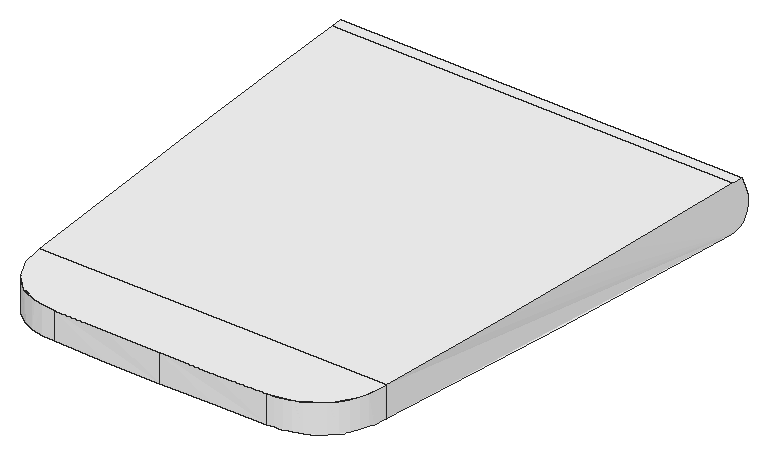
Revit family "Seat-WCSeatCover-Duroplast-Vitra-EqualSeries_119", category Plumbing Fixtures, host Face, Revit 2017
Family settings
  Host = Face
  Round Connector Dimension = Use Diameter
  Part Type = Normal
  OmniClass Number = 23.45.00.00
  OmniClass Title = Sanitary, Laundry, and Cleaning Equipment
  Cut with Voids When Loaded = No
  Shared = Yes
  Room Calculation Point = No
Parameters (values of type "Seat-WCSeat-Duroplast, Metal hinge, top fixing-quick release-119-003H209")
  Youtube = "https://www.youtube.com/user/VitrAglobal"
  Weight Net (kg) = "3"
  Waste Connection = no
  Warranty Period (Year) = "2 Years"
  Vent Connection = no
  Uniformat II Description = ""
  Uniformat II Code = ""
  Uniclass 2015 Name = "WC seats and covers"
  Uniclass 2015 Code = "Pr_40_20_93_95"
  Uniclass 2.0 Description = "Wc Seats And Covers"
  Uniclass 2.0 Code = "PR-35-93-95"
  Uniclass 1.4 Description = "Toilets"
  Uniclass 1.4 Code = "L72164"
  URL = "https://www.vitra.com.tr/"
  UNSPSC Description = "Water Operated Water Closets"
  UNSPSC Code = "35-93-95"
  Technical description = "https://www.vitra-india.com/pdf/119-003H209/"
  Tap hole Options (default) = ""
  Specification = ""
  Region South America = "All"
  Region Oceania = "All"
  Region North America = "All"
  Region Middle East = "All"
  Region Europe = "All"
  Region Asia = "All"
  Region Antarctica = "All"
  Region Africa = "All"
  Product url = "https://www.vitra-india.com/bathroom-sanitaryware/wcs/wc-seats/equal-wc-seat-sku-119-003H209/"
  Product manual = ""
  Product group = ""
  Product family = "Equal"
  Product data url = ""
  Product certification = "https://www.vitraglobal.com/brochures/"
  Product SKU = "119-003H209"
  Product Guid = ""
  Primary Material = White-WCSeat
  OmniClass Description = "Toilets"
  OmniClass Code = "23-31 19 19 11"
  Nominal Width (mm) = 394 mm
  Nominal Height (mm) = 45 mm
  Nominal Depth (mm) = 473 mm
  NBS Referans Description = "Wc Seats And Covers"
  NBS Referans Code = "35-93-95"
  Mounting type = ""
  Model = "119-003H209"
  Masterformat 2014 Description = ""
  Masterformat 2014 Code = ""
  Manufacturer name = "Vitra"
  Manufacturer = "Vitra"
  Main Material = "Duroplast"
  Installation instructions = ""
  IFC Classification = "Sanitary Terminal"
  HW Connection = no
  EAN code = ""
  Design country = "Turkey"
  Description = "VitrA Equal WC Seat - Metal Hinge - Top Fixing - Quick Release"
  Default Elevation = 410 mm
  Color = "White"
  CW Connection = no
  COBIe Type Category = ""
  Brand = "VitrA"
  BIMobject category = "Sanitary - Toilet Seats"
  Article No. (default) = "119-003H209"
  Accessories (default) = ""
Types (7, lengths in mm): name | Technical description | Product url | Product data url | Product SKU | Primary Material | Model | Description | Color | Article No. (default)
  Seat-WCSeat-Duroplast, Metal hinge, top fixing-soft close-quick release-119-076R009 | "https://www.vitraglobal.com/pdf/119-076R009/" | "https://www.vitraglobal.com/bathroom-sanitaryware/wcs/wc-seats/equal-wc-seat-sku-119-076R009/" | "https://www.vitraglobal.com/bathroom-sanitaryware/wcs/wc-seats/equal-wc-seat-sku-119-076R009/" | "119-076R009" | MatteTaupe-WCSeat | "119-076R009" | "VitrA Equal WC Seat - Metal Hinge - Top Fixing - Quick Release" | "Stone Grey" | "119-076R009"
  Seat-WCSeat-Duroplast, Metal hinge, top fixing-soft close-119-076-009 | "https://www.vitraglobal.com/pdf/119-076-009/" | "https://www.vitraglobal.com/bathroom-sanitaryware/wcs/wc-seats/equal-wc-seat-sku-119-076-009/" | "https://www.vitraglobal.com/bathroom-sanitaryware/wcs/wc-seats/equal-wc-seat-sku-119-076-009/" | "119-076-009" | MatteTaupe-WCSeat | "119-076-009" | "VitrA Equal WC Seat - Metal Hinge - Top Fixing - Soft Close" | "Stone Grey" | "119-076-009"
  Seat-WCSeat-Duroplast, Metal hinge, top fixing-119-076-001 | "https://www.vitraglobal.com/pdf/119-076-001/" | "https://www.vitraglobal.com/bathroom-sanitaryware/wcs/wc-seats/equal-wc-seat-sku-119-076-001/" | "https://www.vitraglobal.com/bathroom-sanitaryware/wcs/wc-seats/equal-wc-seat-sku-119-076-001/" | "119-076-001" | MatteTaupe-WCSeat | "119-076-001" | "VitrA Equal WC Seat - Metal Hinge - Top Fixing" | "Stone Grey" | "119-076-001"
  Seat-WCSeat-Duroplast, Metal hinge, top fixing-soft close-quick release-119-003R009 | "https://www.vitraglobal.com/sanitaryware-complementary-products/complementary-products/wc-seat/equal-wc-seat-wc-seat-duroplast-metal-hinge-top-fixing-soft-close-quick-release-sku-119-003r009/print" | "https://www.vitraglobal.com/sanitaryware-complementary-products/complementary-products/wc-seat/equal-wc-seat-wc-seat-duroplast-metal-hinge-top-fixing-soft-close-quick-release-sku-119-003r009" | "https://www.vitraglobal.com/sanitaryware-complementary-products/complementary-products/wc-seat/equal-wc-seat-wc-seat-duroplast-metal-hinge-top-fixing-soft-close-quick-release-sku-119-003r008" | "119-003R009" | White-WCSeat | "119-003R009" | "VitrA Equal WC Seat - Metal Hinge - Top Fixing - Quick Release" | "White" | "119-003R009"
  Seat-WCSeat-Duroplast, Metal hinge, top fixing-soft close-119-003-009 | "https://www.vitraglobal.com/sanitaryware-complementary-products/complementary-products/wc-seat/equal-wc-seat-wc-seat-duroplast-metal-hinge-top-fixing-soft-close-sku-119-003-009/print" | "https://www.vitraglobal.com/sanitaryware-complementary-products/complementary-products/wc-seat/equal-wc-seat-wc-seat-duroplast-metal-hinge-top-fixing-soft-close-sku-119-003-009" | "https://www.vitraglobal.com/sanitaryware-complementary-products/complementary-products/wc-seat/equal-wc-seat-wc-seat-duroplast-metal-hinge-top-fixing-soft-close-sku-119-003-008" | "119-003-009" | White-WCSeat | "119-003-009" | "VitrA Equal WC Seat - Metal Hinge - Top Fixing - Soft Close" | "White" | "119-003-009"
  Seat-WCSeat-Duroplast, Metal hinge, top fixing-119-003-001 | "https://www.vitraglobal.com/sanitaryware-complementary-products/complementary-products/wc-seat/equal-wc-seat-wc-seat-duroplast-metal-hinge-top-fixing-sku-119-003-001/print" | "https://www.vitraglobal.com/sanitaryware-complementary-products/complementary-products/wc-seat/equal-wc-seat-wc-seat-duroplast-metal-hinge-top-fixing-sku-119-003-001" | "https://www.bimobject.com/vitra-bathrooms/product/seat-wcseatcover-duroplast-vitra-equalseries_119-003-001" | "119-003-001" | White-WCSeat | "119-003-001" | "VitrA Equal WC Seat - Metal Hinge - Top Fixing" | "White" | "119-003-001"
  Seat-WCSeat-Duroplast, Metal hinge, top fixing-quick release-119-003H209 | "https://www.vitra-india.com/pdf/119-003H209/" | "https://www.vitra-india.com/bathroom-sanitaryware/wcs/wc-seats/equal-wc-seat-sku-119-003H209/" | "" | "119-003H209" | White-WCSeat | "119-003H209" | "VitrA Equal WC Seat - Metal Hinge - Top Fixing - Quick Release" | "White" | "119-003H209"
Reference planes
  plane 1 "Center (Front/Back)": y = 0
  plane 2: z = 0
  plane 3 "Center (Left/Right)": x = 0
  plane 4: y = -245
  plane 5: x = 196.165
  plane 6: x = -197.835
  plane 7: z = 45
  plane 8: y = 228
Forms (mm)
  Extrusion 1, solid, material "White-WCSeat" <- "Primary Material", detail levels fine
    sketch origin (0, 0, 0) x (1, 0, 0) y (0, 1, 0)
      loop
        spline (-169.437, -178.357) -> (-168.622, -186.638) -> (-167.176, -194.896) -> (-164.693, -203.038) -> (-160.985, -210.89) -> (-156.035, -218.238) -> (-149.989, -224.83) -> (-143.102, -230.424) -> (-135.596, -234.906) -> (-127.674, -238.21) -> (-119.549, -240.321) -> (-111.503, -241.359) -> (-103.698, -241.704)
        spline (-103.698, -241.704) -> (-95.077, -241.921) -> (-86.447, -242.124) -> (-77.81, -242.31) -> (-69.167, -242.48) -> (-60.521, -242.633) -> (-51.871, -242.768) -> (-43.221, -242.884) -> (-34.57, -242.981) -> (-25.922, -243.057) -> (-17.276, -243.113) -> (-8.635, -243.147) -> (-0.001, -243.158)
        spline (-0.001, -243.158) -> (8.634, -243.147) -> (17.275, -243.113) -> (25.921, -243.058) -> (34.569, -242.981) -> (43.22, -242.884) -> (51.87, -242.768) -> (60.52, -242.633) -> (69.167, -242.48) -> (77.81, -242.31) -> (86.447, -242.124) -> (95.077, -241.921) -> (103.698, -241.704)
        spline (103.698, -241.704) -> (111.16, -241.387) -> (118.966, -240.432) -> (127.001, -238.425) -> (135.037, -235.184) -> (142.803, -230.624) -> (149.949, -224.868) -> (156.131, -218.11) -> (161.128, -210.636) -> (164.804, -202.737) -> (167.24, -194.626) -> (168.636, -186.474) -> (169.437, -178.357)
        spline (169.437, -178.357) -> (172.319, -143.117) -> (175.098, -107.869) -> (177.774, -72.613) -> (180.347, -37.35) -> (182.817, -2.078) -> (185.183, 33.2) -> (187.446, 68.485) -> (189.606, 103.776) -> (191.663, 139.073) -> (193.617, 174.377) -> (195.467, 209.686) -> (197.214, 245)
        line (197.214, 245) -> (-197.214, 245)
        spline (-197.214, 245) -> (-195.467, 209.686) -> (-193.617, 174.377) -> (-191.663, 139.073) -> (-189.606, 103.776) -> (-187.446, 68.485) -> (-185.183, 33.2) -> (-182.817, -2.078) -> (-180.347, -37.35) -> (-177.774, -72.613) -> (-175.098, -107.869) -> (-172.319, -143.117) -> (-169.437, -178.357)
    from 0 to 62.003
  Extrusion 2, void
    sketch origin (0, 0, 0) x (0, 1, 0) y (0, 0, 1)
      loop
        line (212.676, 43.999) -> (223.545, 44.406) -> (225.563, 38.545) -> (229.706, 26.511)
        arc (229.706, 26.511) -> (227.078, 8.386) -> (210.796, 0) r 20
        line (210.796, 0) -> (214.755, -11.498) -> (259.723, -9.814) -> (259.723, 75.186) -> (-265.277, 75.186) -> (-265.277, 26.091) -> (-177.644, 29.378) -> (212.676, 43.999)
    from -221.603 to 220
  Extrusion 3, solid, detail levels coarse
    sketch origin (0, 0, 0) x (1, 0, 0) y (0, 1, 0)
      loop
        line (196.165, 235) -> (-197.835, 235) -> (-197.835, -245) -> (196.165, -245) -> (196.165, 235)
    from 0 to 45
  Extrusion 4, solid, detail levels medium
    sketch origin (0, 0, 0) x (1, 0, 0) y (0, 1, 0)
      loop
        spline (169.437, -178.357) -> (172.258, -143.883) -> (174.98, -109.401) -> (177.603, -74.911) -> (180.127, -40.414) -> (182.553, -5.91) -> (184.88, 28.601) -> (187.109, 63.119) -> (189.238, 97.643) -> (191.269, 132.172) -> (193.201, 166.708) -> (195.034, 201.248) -> (196.768, 235.794)
        line (196.768, 235.794) -> (-196.768, 235.794)
        spline (-196.768, 235.794) -> (-195.034, 201.248) -> (-193.201, 166.708) -> (-191.269, 132.172) -> (-189.238, 97.643) -> (-187.109, 63.119) -> (-184.88, 28.601) -> (-182.553, -5.91) -> (-180.127, -40.414) -> (-177.603, -74.911) -> (-174.98, -109.401) -> (-172.258, -143.883) -> (-169.437, -178.357)
        spline (-169.437, -178.357) -> (-168.622, -186.638) -> (-167.176, -194.896) -> (-164.693, -203.038) -> (-160.985, -210.89) -> (-156.035, -218.238) -> (-149.989, -224.83) -> (-143.102, -230.424) -> (-135.596, -234.906) -> (-127.674, -238.21) -> (-119.549, -240.321) -> (-111.503, -241.359) -> (-103.698, -241.704)
        spline (-103.698, -241.704) -> (-95.077, -241.921) -> (-86.447, -242.124) -> (-77.81, -242.31) -> (-69.167, -242.48) -> (-60.521, -242.633) -> (-51.871, -242.768) -> (-43.221, -242.884) -> (-34.57, -242.981) -> (-25.922, -243.057) -> (-17.276, -243.113) -> (-8.635, -243.147) -> (-0.001, -243.158)
        spline (-0.001, -243.158) -> (8.634, -243.147) -> (17.275, -243.113) -> (25.921, -243.058) -> (34.569, -242.981) -> (43.22, -242.884) -> (51.87, -242.768) -> (60.52, -242.633) -> (69.167, -242.48) -> (77.81, -242.31) -> (86.447, -242.124) -> (95.077, -241.921) -> (103.698, -241.704)
        spline (103.698, -241.704) -> (111.16, -241.387) -> (118.966, -240.432) -> (127.001, -238.425) -> (135.037, -235.184) -> (142.803, -230.624) -> (149.949, -224.868) -> (156.131, -218.11) -> (161.128, -210.636) -> (164.804, -202.737) -> (167.24, -194.626) -> (168.636, -186.474) -> (169.437, -178.357)
    from 0 to 45
Cuts and joins
  Extrusion 2 cuts Extrusion 1
Dimensions and locks
  "Nominal Width (mm)": plane 6 to plane 5
  "Nominal Height (mm)": plane 7 to host face
  "Nominal Depth (mm)": plane 4 to plane 8
  aligned and locked: plane 2 to host face
  aligned and locked: level to host face
Automatic sketch dimensions
  host sketch curve to host sketch curve = 2438.4 mm  (x2)
  Extrusion 1 sketch curve to plane 6 = 0.621 mm
  Extrusion 1 sketch curve to plane 6 = 28.398 mm
  plane 4 to Extrusion 1 sketch curve = 3.296 mm  (x2)
  Extrusion 1 sketch curve to Extrusion 1 sketch curve = 65.739 mm
  Extrusion 1 sketch curve to plane 3 "Center (Left/Right)" = 0.001 mm
  plane 5 to Extrusion 1 sketch curve = 92.466 mm
  plane 5 to Extrusion 1 sketch curve = 26.728 mm
  Extrusion 1 sketch curve to plane 5 = 1.049 mm
  plane 4 to Extrusion 1 sketch curve = 1.842 mm
  plane 4 to Extrusion 1 sketch curve = 66.643 mm
  Extrusion 1 sketch curve to Extrusion 1 sketch curve = 63.347 mm
  plane 6 to Extrusion 1 sketch curve = 13.281 mm
  Extrusion 1 sketch curve to Extrusion 1 sketch curve = 11682.06 mm
  Extrusion 2 sketch curve to level = 0 mm
  Extrusion 2 sketch curve to plane 4 = 20.277 mm
  Extrusion 2 sketch curve to Extrusion 2 sketch curve = 3.959 mm
  Extrusion 2 sketch curve to plane 7 = 0.594 mm
  Extrusion 2 sketch curve to Extrusion 2 sketch curve = 2.018 mm
  Extrusion 2 sketch curve to level = 9.814 mm
  Extrusion 2 sketch curve to level = 11.498 mm
  Extrusion 2 sketch curve to Extrusion 2 sketch curve = 20 mm
  Extrusion 2 sketch curve to plane 7 = 18.909 mm
  Extrusion 2 sketch curve to Extrusion 2 sketch curve = 5.862 mm
  plane 7 to Extrusion 2 sketch curve = 30.186 mm
  Extrusion 2 sketch curve to plane 7 = 15.622 mm
  plane 4 to Extrusion 2 sketch curve = 67.356 mm
  Extrusion 2 sketch curve to plane 7 = 15.625 mm
  Extrusion 2 sketch curve to Extrusion 2 sketch curve = 0 mm  (x4)
  Extrusion 2 sketch curve to plane 7 = 1.001 mm  (x2)
  Extrusion 2 sketch curve to Extrusion 2 sketch curve = 10.869 mm
  Extrusion 3 sketch curve to plane 6 = 0 mm
  Extrusion 3 sketch curve to plane 4 = 0 mm
  Extrusion 3 sketch curve to plane 5 = 0 mm
  Extrusion 4 sketch curve to plane 6 = 28.398 mm
  plane 4 to Extrusion 4 sketch curve = 3.296 mm  (x2)
  Extrusion 4 sketch curve to Extrusion 4 sketch curve = 65.739 mm
  Extrusion 4 sketch curve to plane 3 "Center (Left/Right)" = 0.001 mm
  plane 5 to Extrusion 4 sketch curve = 92.466 mm
  plane 5 to Extrusion 4 sketch curve = 26.728 mm
  plane 4 to Extrusion 4 sketch curve = 1.842 mm
  plane 4 to Extrusion 4 sketch curve = 66.643 mm  (x2)
  Extrusion 4 sketch curve to plane 6 = 1.067 mm
  plane 6 to Extrusion 4 sketch curve = 13.281 mm
  Extrusion 4 sketch curve to Extrusion 4 sketch curve = 11682.06 mm
  Extrusion 4 sketch curve to plane 5 = 0.604 mm
  plane 3 "Center (Left/Right)" to Extrusion 4 sketch curve = 211.116 mm
  Extrusion 1 sketch curve to plane 1 "Center (Front/Back)" = 245 mm
  Extrusion 1 sketch curve to Extrusion 1 sketch curve = 422.232 mm
  Extrusion 1 sketch curve to plane 1 "Center (Front/Back)" = 824.56 mm
  Extrusion 2 sketch curve to plane 1 "Center (Front/Back)" = 210.796 mm
  Extrusion 2 sketch curve to Extrusion 2 sketch curve = 12.749 mm
  Extrusion 2 sketch curve to Extrusion 2 sketch curve = 36.179 mm
  Extrusion 2 sketch curve to Extrusion 2 sketch curve = 4.143 mm
  Extrusion 3 sketch curve to plane 1 "Center (Front/Back)" = 235 mm
  Extrusion 4 sketch curve to plane 1 "Center (Front/Back)" = 235.794 mm
  Extrusion 4 sketch curve to plane 1 "Center (Front/Back)" = 824.56 mm
